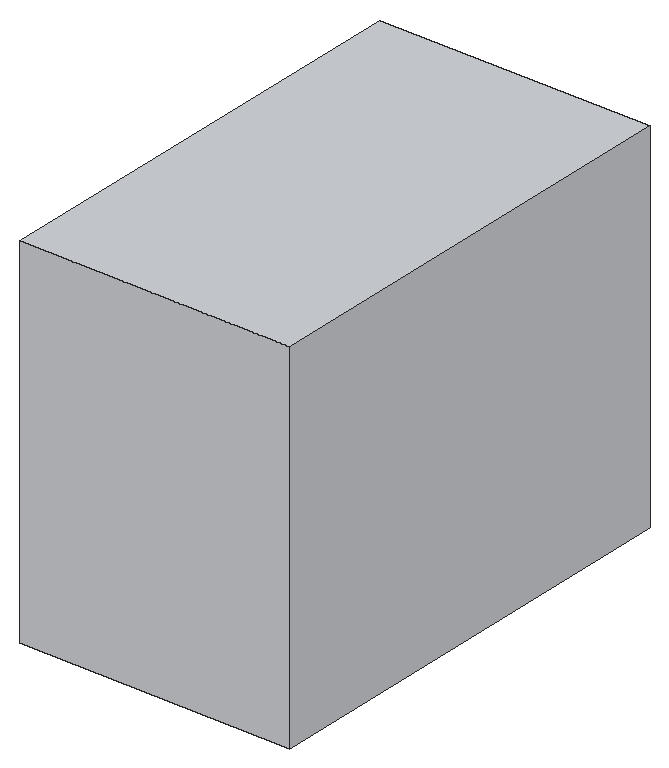
Revit family "XXX_RLT-Gerät_Befeuchter allgemein", category HLS-Bauteile, Revit 2014
Parameters (values of type "Allgemein")
  Breite = 500 mm
  Druckverlust [instance] = 0.00 in-wg
  Länge = 300 mm
  Höhe = 400 mm
  Widerstandsbeiwert [instance] = 0
Reference planes
  plane 1 "Mitte (Vorne/Hinten)": y = 0
  plane 2: z = 0
  plane 3 "Mitte (Links/Rechts)": x = 0
  plane 4: y = 250
  plane 5: y = -250
  plane 6: x = -150
  plane 7: x = 150
  plane 8: z = 200
  plane 9: z = -200
  plane 10: x = -110
  plane 11: y = -150
  plane 12: y = 150
  plane 13: y = 100
  plane 14: y = 50
  plane 15: x = 110
  plane 16: y = 200
  plane 17: y = -200
  plane 18: y = -100
  plane 19: y = -50
  plane 20: z = 160
  plane 21: z = 120
  plane 22: z = 80
  plane 23: z = 40
  plane 24: z = -40
  plane 25: z = -80
  plane 26: z = -120
  plane 27: z = -160
Forms (mm)
  Extrusion 1, solid, detail levels medium+fine
    sketch origin (-150, 397.271, 1219.2) x (0, 1, 0) y (0, 0, 1)
      loop
        line (-147.271, -1019.2) -> (-647.271, -1019.2) -> (-647.271, -1419.2) -> (-147.271, -1419.2) -> (-147.271, -1019.2)
    from 0 to 300
Lines and regions (mm)
  model lines, detail levels coarse
    curve 1: line (-150, 250, 0) -> (150, 250, 0)
    curve 2: line (-150, -250, 0) -> (-150, 250, 0)
    curve 3: line (150, -250, 0) -> (-150, -250, 0)
    curve 4: line (150, 250, 0) -> (150, -250, 0)
    curve 5: line (-150, 0, 200) -> (150, 0, 200)
    curve 6: line (-150, 0, -200) -> (-150, 0, 200)
    curve 7: line (150, 0, -200) -> (-150, 0, -200)
    curve 8: line (150, 0, 200) -> (150, 0, -200)
    curve 9: line (0, 250, 200) -> (0, -250, 200)
    curve 10: line (0, 250, -200) -> (0, 250, 200)
    curve 11: line (0, -250, -200) -> (0, 250, -200)
    curve 12: line (0, -250, 200) -> (0, -250, -200)
    curve 13: line (-110, 200, 0) -> (-110, -200, 0)
    curve 14: line (-150, -150, 0) -> (150, -150, 0)
    curve 15: line (0, 50, 0) -> (110, 50, 0)
    curve 16: line (0, 100, 0) -> (110, 100, 0)
    curve 17: line (0, 150, 0) -> (110, 150, 0)
  model lines
    curve 18: line (-110, 200, 200) -> (-110, -200, 200)
    curve 19: line (-150, -150, 200) -> (150, -150, 200)
    curve 20: line (0, 150, 200) -> (110, 150, 200)
    curve 21: line (0, 100, 200) -> (110, 100, 200)
    curve 22: line (0, 50, 200) -> (110, 50, 200)
    curve 23: line (-110, -250, 160) -> (-110, -250, -160)
    curve 24: line (-150, -250, -120) -> (150, -250, -120)
    curve 25: line (0, -250, 120) -> (110, -250, 120)
    curve 26: line (0, -250, 80) -> (110, -250, 80)
    curve 27: line (0, -250, 40) -> (110, -250, 40)
    curve 28: line (-110, 250, 160) -> (-110, 250, -160)
    curve 29: line (150, 250, -120) -> (-150, 250, -120)
    curve 30: line (0, 250, 40) -> (110, 250, 40)
    curve 31: line (0, 250, 80) -> (110, 250, 80)
    curve 32: line (0, 250, 120) -> (110, 250, 120)
Dimensions and locks
  equal spacing: plane 6, plane 3 "Mitte (Links/Rechts)", plane 7
  "Länge": plane 6 to plane 7
  "Höhe": plane 8 to plane 9
  "Breite": plane 5 to plane 4
  locked: plane 6 to plane 10 at 40
  locked: plane 15 to plane 7 at 40
  equal spacing: plane 4, plane 16, plane 12, plane 13, plane 14, plane 1 "Mitte (Vorne/Hinten)", plane 19, plane 18, plane 11, plane 17, plane 5
  equal spacing: plane 8, plane 20, plane 21, plane 22, plane 23, level, plane 24, plane 25, plane 26, plane 27, plane 9
  aligned and locked: plane 2 to level
  aligned and locked: plane 7 to Extrusion 1
  aligned and locked: Extrusion 1 to plane 6
  aligned and locked: plane 8 to Extrusion 1
  aligned and locked: plane 9 to Extrusion 1
  aligned and locked: plane 5 to Extrusion 1
  aligned and locked: plane 4 to Extrusion 1
  aligned and locked: curve 1 to Extrusion 1
  aligned and locked: curve 2 to Extrusion 1
  aligned and locked: curve 3 to Extrusion 1
  aligned and locked: curve 4 to Extrusion 1
  aligned and locked: curve 5 to Extrusion 1
  aligned and locked: curve 6 to Extrusion 1
  aligned and locked: curve 7 to Extrusion 1
  aligned and locked: curve 8 to Extrusion 1
  aligned and locked: curve 9 to Extrusion 1
  aligned and locked: curve 11 to Extrusion 1
  aligned and locked: curve 13 to plane 10
  aligned and locked: plane 16 to curve 13
  aligned and locked: plane 17 to curve 13
  aligned and locked: plane 6 to curve 14
  aligned and locked: curve 14 to plane 11
  aligned and locked: plane 7 to curve 14
  aligned and locked: curve 15 to plane 14
  aligned and locked: curve 16 to plane 13
  aligned and locked: curve 17 to plane 12
  aligned and locked: plane 3 "Mitte (Links/Rechts)" to curve 17
  aligned and locked: plane 3 "Mitte (Links/Rechts)" to curve 16
  aligned and locked: plane 3 "Mitte (Links/Rechts)" to curve 15
  aligned and locked: plane 15 to curve 17
  aligned and locked: plane 15 to curve 16
  aligned and locked: plane 15 to curve 15
  aligned and locked: curve 18 to plane 10
  aligned and locked: curve 19 to plane 11
  aligned and locked: plane 7 to curve 19
  aligned and locked: plane 6 to curve 19
  aligned and locked: plane 17 to curve 18
  aligned and locked: plane 16 to curve 18
  aligned and locked: curve 22 to plane 14
  aligned and locked: curve 21 to plane 13
  aligned and locked: curve 20 to plane 12
  aligned and locked: plane 15 to curve 20
  aligned and locked: plane 15 to curve 21
  aligned and locked: plane 15 to curve 22
  aligned and locked: plane 3 "Mitte (Links/Rechts)" to curve 20
  aligned and locked: plane 3 "Mitte (Links/Rechts)" to curve 21
  aligned and locked: plane 3 "Mitte (Links/Rechts)" to curve 22
  aligned and locked: curve 23 to plane 10
  aligned and locked: curve 24 to plane 26
  aligned and locked: plane 7 to curve 24
  aligned and locked: plane 6 to curve 24
  aligned and locked: plane 27 to curve 23
  aligned and locked: plane 20 to curve 23
  aligned and locked: curve 27 to plane 23
  aligned and locked: curve 26 to plane 22
  aligned and locked: curve 25 to plane 21
  aligned and locked: plane 3 "Mitte (Links/Rechts)" to curve 25
  aligned and locked: plane 3 "Mitte (Links/Rechts)" to curve 26
  aligned and locked: plane 3 "Mitte (Links/Rechts)" to curve 27
  aligned and locked: plane 15 to curve 27
  aligned and locked: plane 15 to curve 26
  aligned and locked: plane 15 to curve 25
  aligned and locked: plane 10 to curve 28
  aligned and locked: plane 20 to curve 28
  aligned and locked: plane 27 to curve 28
  aligned and locked: curve 29 to plane 26
  aligned and locked: plane 6 to curve 29
  aligned and locked: plane 7 to curve 29
  aligned and locked: plane 23 to curve 30
  aligned and locked: plane 22 to curve 31
  aligned and locked: plane 21 to curve 32
  aligned and locked: plane 3 "Mitte (Links/Rechts)" to curve 32
  aligned and locked: plane 3 "Mitte (Links/Rechts)" to curve 31
  aligned and locked: plane 3 "Mitte (Links/Rechts)" to curve 30
  aligned and locked: plane 15 to curve 32
  aligned and locked: plane 15 to curve 31
  aligned and locked: plane 15 to curve 30
Automatic sketch dimensions
  Extrusion 1 sketch curve to plane 5 = 0 mm
  Extrusion 1 sketch curve to plane 4 = 0 mm
  plane 9 to Extrusion 1 sketch curve = 0 mm
  Extrusion 1 sketch curve to plane 8 = 0 mm
  curve 9 to plane 5 = 0 mm
  curve 11 to plane 4 = 0 mm
Connectors
  hvac at (-150, 0, 0), driven by "Widerstandsbeiwert", driven by "Höhe", driven by "Breite"
    settings: on Extrusion 1, index 1, duct flow 0 CFM, flow factor 0, pres drop 0.00 in-wg, loss coef 0, conn angle 0.00°, conn width 500 mm, conn height 400 mm, conn diameter 609.6 mm, duct sys type 29, conn prof type 1, flow config 0, flow direction 0, loss method 6, conn ref index 2, conn util no, is conn primary yes, conn desc ""
  hvac at (150, 0, 0), driven by "Widerstandsbeiwert", driven by "Breite", driven by "Höhe"
    settings: on Extrusion 1, index 2, duct flow 0 CFM, flow factor 0, pres drop 0.00 in-wg, loss coef 0, conn angle 0.00°, conn width 500 mm, conn height 400 mm, conn diameter 609.6 mm, duct sys type 29, conn prof type 1, flow config 0, flow direction 0, loss method 6, conn ref index 1, conn util no, is conn primary no, conn desc ""
